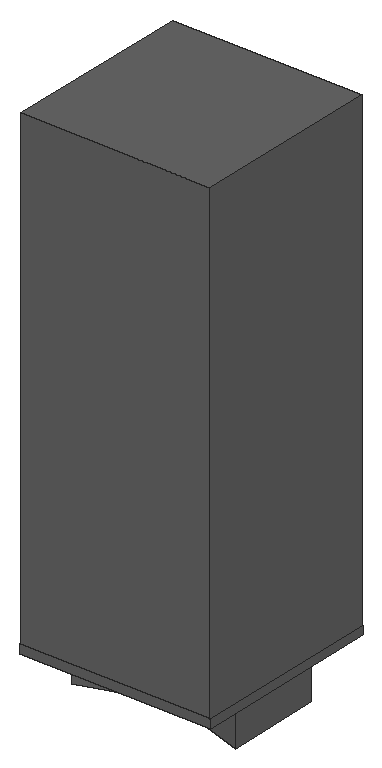
Revit family "LTC-4SQD-S", category Lighting Fixtures, host Face, Revit 2017
Family settings
  Host = Face
  Round Connector Dimension = Use Diameter
  Part Type = Normal
  OmniClass Number = 23.80.70.11.14.11
  OmniClass Title = Downlights
  Cut with Voids When Loaded = No
  Light Source = Yes
  Shared = Yes
  Room Calculation Point = No
Parameters (values of type "LTC-4SQD-S")
  Width = 5.57813"
  Wattage Comments = "8-25"  # constant formula
  Wattage = 25 W
  built-in parameter 1150110 = 1 (stored number, unit not read)
  Voltage = if(Is 120V, 120 V, 277 V)  # 120 V
  URL = "https://www.hubbell.com/prescolite/en"
  built-in parameter 1114217 = 1 (stored number, unit not read)
  Tilt Angle = -90.00°
  built-in parameter 1150109 = 1 (stored number, unit not read)
  built-in parameter 1150134 = (empty or 0)
  built-in parameter 1150113 = 1 (stored number, unit not read)
  SRMD = no
  Reflector Finish = Paint - Hubbell - Carbon Black
  Recessed Canopy = yes
  Product Page URL = "https://www.hubbell.com/prescolite/en/Products/Lighting-Controls/Commercial-Indoor-Lighting/Cylinder/LITEISTRY-4-Square-Cylinder-Downlight/p/3775895"
  Product Material = Paint - Hubbell - Carbon Black
  Product Documentation Link = "https://hubbellcdn.com/specsheet/LTC-4SQD.pdf"
  Photometric Web File = "LTC-4SQDPH-P-20L35K8MD-PM-S-BL.ies"
  Photometric Notes = "More IES files download on Photometric Web Link"  # constant formula
  Model = "LTC-4SQD"  # constant formula
  Manufacturer = "Prescolite"  # constant formula
  built-in parameter 1150105 = -6252400 (stored number, unit not read)
  Lumens = 2200 lm
  built-in parameter 1150115 = 1 (stored number, unit not read)
  Load Classification = Lighting
  built-in parameter 1150137 = (empty or 0)
  built-in parameter 1150139 = (empty or 0)
  built-in parameter 1150112 = 1 (stored number, unit not read)
  built-in parameter 1150114 = 1 (stored number, unit not read)
  Lamp = " LED's"  # constant formula
  Is 277V = not(Is 120V)  # no
  Is 120V = yes
  built-in parameter 1150132 = (empty or 0)
  built-in parameter 1150102 = (empty or 0)
  built-in parameter 1150107 = 3000 (stored number, unit not read)
  built-in parameter 1150138 = (empty or 0)
  built-in parameter 1150106 = -62524 (stored number, unit not read)
  Height = 14.00"
  Glass = Hubbell - White Glass
  Frequency = 60 Hz  # constant formula
  Emit from Rectangle Width = Width  # 5.57813"
  Emit from Rectangle Length = Width  # 5.57813"
  Emit Shape Visible in Rendering = yes
  built-in parameter 1150104 = 8.1755 (stored number, unit not read)
  Dimming Lamp Color Temperature Shift = <None>
  Description = "LITEISTRY™ 4inch Square Cylinder Downlight"  # constant formula
  Default Elevation = 48.00"
  Contact Us = "https://www.hubbell.com/prescolite/en/contactUs"
  Connector Description = "Lighting Connector"  # constant formula
  Color Filter = 16777215
  Ceiling Thickness [instance] = 1.25"
  Cutout Radius = 3.125"
  Ceiling Cutout = Cutout Radius * 2  # 6.25"
  Canopy height = 0.25"
  Canopy Width = 5.60"
  built-in parameter 1114218 = 1 (stored number, unit not read)
  built-in parameter 1150133 = 10 (stored number, unit not read)
  Apparent Load = 52 VA
Types (6): name | SRMD | Recessed Canopy | Canopy height | Canopy Width
  (no name) | no | yes | 0.25" | 5.60"
  LTC-4SQD-SRMD | yes | no | 0.26" | 7.00"
  LTC-4SQD-S | no | yes | 0.25" | 5.60"
  LTC-4SQD-SCC | no | no | 3.00" | 5.74"
  LTC-4SQD-SPC | no | yes | 3.00" | 7.75"
  LTC-4SQD-SPCC | no | no | 4.50" | 7.83"
Reference planes (in)
  plane 1 "Center (Front/Back)": y = 0
  plane 2: z = 0
  plane 3 "Center (Left/Right)": x = 0
  plane 4: z = -6
  plane 5: x = 2.8
  plane 6: x = -2.8
  plane 7: z = 0.25
  plane 8: y = -2.8
  plane 9: y = 2.8
  plane 10: z = 14.25
Forms (in)
  Extrusion 1, void
    sketch origin (0, 0, 0) x (1, 0, 0) y (0, 1, 0)
      loop
        circle (0, 0) r 3.125
    from -1.25 to 0
  Extrusion 2, solid, material "Paint - Hubbell - Carbon Black" <- "Product Material", visible <- "SRMD"
    sketch origin (0, 0, 0) x (1, 0, 0) y (0, 1, 0)
      loop
        line (-3.41406, 2.5) -> (-3.41406, -2.5) -> (3.28906, -2.5) -> (3.28906, 2.5) -> (-3.41406, 2.5)
    from -6 to -1.27765
  Extrusion 3, solid, material "Paint - Hubbell - Carbon Black" <- "Product Material"
    sketch origin (0, 0, 0) x (1, 0, 0) y (0, 1, 0)
      loop
        line (-2.78906, 2.78906) -> (-2.78906, -2.78906) -> (2.78906, -2.78906) -> (2.78906, 2.78906) -> (-2.78906, 2.78906)
    from 0.25 to 14.25
  Extrusion 4, solid, material "Paint - Hubbell - Carbon Black" <- "Product Material", visible <- "SRMD"
    sketch origin (0, 0, 0) x (1, 0, 0) y (0, 1, 0)
      loop
        line (-3, 3) -> (-3, -3) -> (3, -3) -> (3, 3) -> (-3, 3)
    from -1.27765 to 0
  Extrusion 5, solid, material "Paint - Hubbell - Carbon Black" <- "Product Material"
    sketch origin (0, 0, 0) x (1, 0, 0) y (0, 0, 1)
      loop
        line (-2.8, 0) -> (2.8, 0) -> (2.8, 0.25) -> (-2.8, 0.25) -> (-2.8, 0)
    from -2.8 to 2.8
  Extrusion 6, solid, material "Paint - Hubbell - Carbon Black" <- "Product Material", visible <- "Recessed Canopy"
    sketch origin (0, 0, 0) x (1, 0, 0) y (0, 1, 0)
      loop
        line (0, 0.58906) -> (-2.4154, 1.39453) -> (-2.4154, -1.39453) -> (0, -0.58906) -> (2.4154, -1.39453) -> (2.4154, 1.39453) -> (0, 0.58906)
    from 0 to -1.27765
Dimensions and locks (in)
  "Canopy Width": plane 5 to plane 6
  equal spacing: plane 5, imposter light, plane 6
  "Canopy height": plane 7 to plane 2
  equal spacing: plane 5, plane 3 "Center (Left/Right)", plane 6
  "Canopy Width": plane 9 to plane 8
  equal spacing: plane 9, plane 1 "Center (Front/Back)", plane 8
  locked: plane 10 to plane 7 at 14
  "Cutout Radius": radius of Extrusion 1 sketch curve
  aligned and locked: plane 2 to host face
  aligned and locked: level to host face
  aligned and locked: level to Extrusion 1
  aligned and locked: plane 1 "Center (Front/Back)" to Extrusion 1 sketch curve
  aligned and locked: plane 3 "Center (Left/Right)" to Extrusion 1 sketch curve
  aligned and locked: Extrusion 5 sketch curve to host face
  aligned and locked: Extrusion 5 sketch curve to plane 6
  aligned and locked: Extrusion 5 sketch curve to plane 7
  aligned and locked: plane 5 to Extrusion 5 sketch curve
  aligned and locked: Extrusion 5 to plane 9
  aligned and locked: plane 8 to Extrusion 5
  aligned and locked: plane 7 to Extrusion 3
  aligned and locked: Extrusion 3 to plane 10
  aligned and locked: imposter light to plane 10
Automatic sketch dimensions
  host sketch curve to host sketch curve = 96.00"  (x2)
  plane 3 "Center (Left/Right)" to Extrusion 2 sketch curve = 3.28906"
  plane 3 "Center (Left/Right)" to Extrusion 3 sketch curve = 2.78906"
  plane 3 "Center (Left/Right)" to Extrusion 4 sketch curve = 3.00"
  Extrusion 2 sketch curve to plane 3 "Center (Left/Right)" = 3.41406"
  Extrusion 3 sketch curve to plane 3 "Center (Left/Right)" = 2.78906"
  Extrusion 4 sketch curve to plane 3 "Center (Left/Right)" = 3.00"
  plane 1 "Center (Front/Back)" to Extrusion 2 sketch curve = 2.50"
  Extrusion 2 sketch curve to plane 1 "Center (Front/Back)" = 2.50"
  plane 1 "Center (Front/Back)" to Extrusion 3 sketch curve = 2.78906"
  Extrusion 3 sketch curve to plane 1 "Center (Front/Back)" = 2.78906"
  plane 1 "Center (Front/Back)" to Extrusion 4 sketch curve = 3.00"
  Extrusion 4 sketch curve to plane 1 "Center (Front/Back)" = 3.00"
  Extrusion 6 sketch curve to plane 3 "Center (Left/Right)" = 0.00"  (x2)
  Extrusion 6 sketch curve to plane 3 "Center (Left/Right)" = 2.4154"
  plane 3 "Center (Left/Right)" to Extrusion 6 sketch curve = 2.4154"
  Extrusion 6 sketch curve to plane 8 = 2.21094"
  plane 1 "Center (Front/Back)" to Extrusion 6 sketch curve = 1.39453"  (x2)
  Extrusion 6 sketch curve to plane 1 "Center (Front/Back)" = 1.39453"  (x2)
  plane 9 to Extrusion 6 sketch curve = 2.21094"
Connectors (in)
  electrical at (0, 0, 0), driven by "Connector Description", driven by "Voltage", driven by "Apparent Load", driven by "Load Classification"
    settings: on host face, index 1, voltage 120 V, apparent load 52 VA, apparent load phase1 0 VA, apparent load phase2 0 VA, apparent load phase3 0 VA, power factor 0.9, load classification "Lighting", number of poles 1, system type 30, power factor state 1, is connector primary yes, connector utility no, sub classification motor no, connector description "Lighting Connector"
